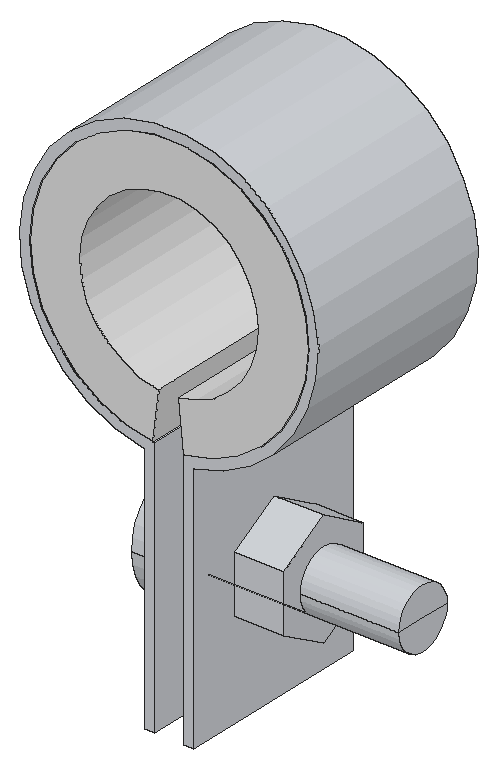
Revit family "Sichtrohrschelle, TPE weiß", category HLS-Bauteile, Revit 2017
Family settings
  Bemaßung runder Anschluss = Durchmesser verwenden
  Teiletyp = Normal
  Arbeitsebenenbasiert = Ja
  Immer vertikal = Nein
  Beim Laden mit Abzugskörper schneiden = Nein
  Gemeinsam genutzt = Ja
  Raumberechnungspunkt = Nein
Parameters (values of type "Sichtrohrschelle, Ø18 mm, TPE weiß")
  vpe = "100 St"
  min. Rohraußendurchmesser = 0 mm
  max. zul. Last vertikal = 0.00 kN
  max. zul. Last horizontal = 0.00 kN
  max. zul. Last = 0.65 kN
  max. Temperaturbeständigkeit = "100 °C"
  max. Rohraußendurchmesser = 0 mm
  max. Höhe = 57 mm
  für Gewinde = ""
  Default Elevation = 1219.2 mm
  Verschluss-Schraube = "M6"
  Verschluss = "Schraubverschluss"
  Stärke Material = 0 mm
  Schalldämmeinlage = "Gummi"
  Rohraußendurchmesser Zoll = "3/8 Zoll"
  Rohraußendurchmesser = 18 mm
  Regelhalter [instance] = ""
  Randabstand Lochung = ""
  RM = D0 / 2 + MD  # 15 mm
  R = D / 2  # 9 mm
  Oberflaeche = "galvanisch verzinkt"
  Nennweite DN Rohr = 0 mm
  Mengeneinheit = "St"
  Materialname = "DC01-A, DD11"
  Materialmaße = "20x1,0 mm"
  Material Schalldämmeinlage = "TPE"
  Material = "Stahl"
  MD = 1 mm  # constant formula
  MB = 20 mm  # constant formula
  Lochdurchmesser = ""
  L = A + R  # 40 mm
  Kurztext2 = "18 mm TPE"
  Kurztext1 = "Sichtrohrschelle Duplo 20x1,0"
  Höhe = "57 mm"
  H = A + D + DS + MD  # 55 mm
  Gewicht pro Bauteil = Gewicht  # 0.037 kg
  Gewicht = 0.037 kg
  Farbe Schalldämmeinlage = "weiß"
  Fabrikat = "MEFA"
  EAN = "4250928407641"
  Dämmstärke = 5 mm
  DVS = 7 mm  # constant formula
  DS = 5 mm  # constant formula
  D0 = D + 2 * DS  # 28 mm
  D = 18 mm
  Breite Material = ""
  Breite = 34 mm
  Brandschutz = ""
  Baustoffklasse = ""
  Bauart = "einteilig"
  B = D + (2 * DS) + (2 * MD)  # 30 mm
  Artikelnummer = "0311180"
  Anschlußhöhe = "31 mm"
  Anschluss = "Lasche für M6"
  Achsabstand = " mm"
  A = 31 mm
Types (3, lengths in mm): name | max. Höhe | Rohraußendurchmesser Zoll | Rohraußendurchmesser | RM | R | L | Kurztext2 | Höhe | H | Gewicht pro Bauteil | Gewicht | EAN | D0 | D | Breite | B | Artikelnummer | Anschlußhöhe | A
  Sichtrohrschelle, Ø15 mm, TPE weiß | 56 | " Zoll" | 15 | 13.5 | 7.5 | 40.5 | "15 mm TPE" | "56 mm" | 54 | 0.035 kg | 0.035 kg | "4250928407634" | 25 | 15 | 31 | 27 | "0311150" | "33 mm" | 33
  Sichtrohrschelle, Ø18 mm, TPE weiß | 57 | "3/8 Zoll" | 18 | 15 | 9 | 40 | "18 mm TPE" | "57 mm" | 55 | 0.037 kg | 0.037 kg | "4250928407641" | 28 | 18 | 34 | 30 | "0311180" | "31 mm" | 31
  Sichtrohrschelle, Ø22 mm, TPE weiß | 61 | "1/2 Zoll" | 22 | 17 | 11 | 42 | "22 mm TPE" | "61 mm" | 59 | 0.0405 kg | 0.0405 kg | "4250928407658" | 32 | 22 | 38 | 34 | "0311220" | "31 mm" | 31
Reference planes
  plane 1 "Mitte (Vorne/hinten)": y = 0
  plane 2: z = 0
  plane 3 "Mitte (Links/rechts)": x = 0
  plane 4: x = 9
  plane 5: x = -9
  plane 6: z = 0
  plane 7: z = 0
  plane 8: x = 14
  plane 9: x = -14
  plane 10: z = -40
  plane 11: z = 9
  plane 12: z = -27.396
  plane 13: y = 3
  plane 14: y = -3
  plane 15: z = 9
Forms (mm)
  Sweep 1, solid, detail levels medium+fine
    path origin (0, 0, 0) x (1, 0, 0) y (0, 0, 1)
      loop
        line (1.495, -40) -> (1.495, -13.92)
        arc (1.495, -13.92) -> (0, 14) -> (-1.495, -13.92) r 14
        line (-1.495, -13.92) -> (-1.495, -40)
    profile origin (0, 0, 14) x (0, 0, -1) y (0, -1, 0)
      loop
        line (0, 0) -> (0, 10) -> (-1, 10) -> (-1, -10) -> (0, -10) -> (0, 0)
  Sweep 2, solid, material "TPE - Weiß", detail levels medium+fine
    path origin (0, 0, 0) x (1, 0, 0) y (0, 0, 1)
      loop
        arc (1.437, -13.926) -> (0.12, 13.999) -> (-1.676, -13.899) r 14
    profile origin (0.12, 0, 13.999) x (-0.008591, 0, -0.999963) y (0, -1, 0)
      loop
        line (0, 0) -> (0, -10) -> (5, -10) -> (5, 10) -> (0, 10) -> (0, 0)
  Extrusion 3, void
    sketch origin (0, 0, 0) x (0, 1, 0) y (0, 0, 1)
      loop
        arc (-2.999, -29.2) -> (-0.022, -30.895) -> (2.976, -29.237) r 3.5
        line (2.976, -29.237) -> (2.976, -25.554)
        arc (2.976, -25.554) -> (-0.022, -23.896) -> (-2.999, -25.591) r 3.5
        line (-2.999, -25.591) -> (-2.999, -29.2)
    from -20 to 20
Cuts and joins
  Extrusion 3 cuts Sweep 1
Lines and regions (mm)
  model lines, not visible
    curve 1: line (0, 0, 7.5) -> (0, 0, -7.5)
    curve 2: line (7.5, 0, 0) -> (-7.5, 0, 0)
    curve 3: line (0, 7.539, 0) -> (0, -7.461, 0)
  model lines, detail levels coarse
    curve 4: circle (0, 0, 0) r 14 normal (0, -1, 0)
    curve 5: line (0, 0, -15.043) -> (0, 0, -40.043)
Dimensions and locks
  equal spacing: plane 5, plane 3 "Mitte (Links/rechts)", plane 4
  "D": plane 5 to plane 4
  equal spacing: plane 7, level, plane 6
  locked: plane 7 to plane 6
  equal spacing: plane 9, plane 3 "Mitte (Links/rechts)", plane 8
  "D0": plane 9 to plane 8
  "L": plane 10 to level
  equal spacing: Sweep 1 sketch curve, plane 3 "Mitte (Links/rechts)", Sweep 1 sketch curve
  equal spacing: Sweep 1 sketch curve, profile plane, Sweep 1 sketch curve
  "MB": Sweep 1 sketch curve to Sweep 1 sketch curve
  "MD": Sweep 1 sketch curve to Sweep 1 sketch curve
  equal spacing: Sweep 1, profile plane, Sweep 1
  Sweep 1 to plane 12 to Sweep 1 = 12.604 mm, 12.604 mm
  "R": plane 15 to level
  "D0": diameter of Sweep 1 sketch curve
  "D0": diameter of Sweep 2 sketch curve
  "D0": diameter of curve 4
  aligned and locked: level to plane 2
  aligned and locked: plane 10 to Sweep 1 sketch curve  (x2)
  aligned and locked: plane 12 to nested 1
  aligned and locked: nested 1 to cut or joined group of Sweep 1, Extrusion 3
  aligned and locked: nested 1 to plane 1 "Mitte (Vorne/hinten)"
  aligned and locked: plane 12 to nested 2
  aligned and locked: nested 2 to cut or joined group of Sweep 1, Extrusion 3
  aligned and locked: plane 1 "Mitte (Vorne/hinten)" to nested 2
  aligned and locked: plane 3 "Mitte (Links/rechts)" to curve 1
  aligned and locked: curve 2 to level
  aligned and locked: curve 3 to level
  aligned and locked: cut or joined group of Sweep 1, Extrusion 3 to Sweep 2 sketch curve
  aligned and locked: Sweep 2 sketch curve to cut or joined group of Sweep 1, Extrusion 3
Automatic sketch dimensions
  Sweep 1 sketch curve to level = 0 mm
  Sweep 1 sketch curve to plane 3 "Mitte (Links/rechts)" = 0 mm
  Sweep 1 sketch curve to plane 3 "Mitte (Links/rechts)" = 1.495 mm
  Sweep 2 sketch curve to level = 0 mm
  Sweep 2 sketch curve to plane 3 "Mitte (Links/rechts)" = 0 mm
  Sweep 2 sketch curve to plane 1 "Mitte (Vorne/hinten)" = 0 mm
  Sweep 2 sketch curve to profile plane = 0 mm
  Sweep 2 sketch curve to profile plane = 5 mm
  Sweep 2 sketch curve to plane 3 "Mitte (Links/rechts)" = 1.676 mm
  plane 3 "Mitte (Links/rechts)" to Sweep 2 sketch curve = 1.437 mm
  Extrusion 3 sketch curve to Extrusion 3 sketch curve = 0 mm  (x2)
  Extrusion 3 sketch curve to plane 1 "Mitte (Vorne/hinten)" = 0 mm
  Extrusion 3 sketch curve to plane 12 = 0 mm
  plane 14 to Extrusion 3 sketch curve = 0.001 mm
  Extrusion 3 sketch curve to plane 12 = 1.804 mm
  plane 12 to Extrusion 3 sketch curve = 1.804 mm
  plane 13 to Extrusion 3 sketch curve = 0.024 mm
  plane 1 "Mitte (Vorne/hinten)" to curve 3 = 7.461 mm
  curve 3 to plane 1 "Mitte (Vorne/hinten)" = 7.539 mm
  curve 5 to plane 3 "Mitte (Links/rechts)" = 0 mm
  curve 4 to level = 0 mm
  curve 4 to plane 3 "Mitte (Links/rechts)" = 0 mm
  curve 2 to plane 5 = 1.5 mm
  plane 4 to curve 2 = 1.5 mm
  curve 1 to level = 7.5 mm
  curve 5 to plane 12 = 12.647 mm
  curve 1 to plane 15 = 1.5 mm
  Sweep 1 sketch curve to plane 1 "Mitte (Vorne/hinten)" = 0 mm
  Sweep 1 sketch curve to profile plane = 0 mm
Nested families
  nested 1: "Verschlussschrauben Rund" at (-2.495, 0, -27.396) x (0, 1, 0) z (0, 0, 1), type "Verschlussschraube M6x20 (3178103)", detail levels fine
  nested 2: "6kt-Mutter M6 seite ansicht" at (4.995, 0, -27.396), type "Mutter M6", detail levels fine
Definition of nested family "Verschlussschrauben Rund"
  Parameters (values of type "Verschlussschraube M6x20 (3178103)")
    Regelhalter [instance] = ""
    Firma = "MEFA Befestigungs- und Montagesysteme GmbH"
    B2 = 3 mm
    H2 = 20 mm
    H1 = 4.5 mm
    B1 = 6 mm
  Reference planes
    plane 1 "Center (Front/Back)": y = 0
    plane 2: z = 0
    plane 3 "Center (Left/Right)": x = 0
  Forms (mm)
    Revolve 1, solid
      sketch origin (0, 0, 0) x (1, 0, 0) y (0, 1, 0)
        loop
          line (0, 0) -> (6, 0) -> (6, 4.5) -> (0, 4.5) -> (0, 0)
        axis (0, 4.5) -> (0, 0)
      angle from 0 to 360
    Revolve 2, solid
      sketch origin (0, 0, 0) x (1, 0, 0) y (0, 1, 0)
        loop
          line (0, 0) -> (0, -20) -> (3, -20) -> (3, 0) -> (0, 0)
        axis (0, 0) -> (0, -20)
      angle from 0 to 360
  Dimensions and locks
    "B1": Revolve 1 sketch curve to Revolve 1 sketch curve
    "H1": plane 1 "Center (Front/Back)" to Revolve 1 sketch curve
    "B2": Revolve 2 sketch curve to Revolve 2 sketch curve
    "H2": Revolve 1 to Revolve 2 sketch curve
    aligned and locked: level to plane 2
    aligned and locked: Revolve 1 sketch curve to plane 3 "Center (Left/Right)"  (x2)
    aligned and locked: plane 3 "Center (Left/Right)" to Revolve 2 sketch curve
    aligned and locked: plane 1 "Center (Front/Back)" to Revolve 2 sketch curve
    aligned and locked: Revolve 2 sketch curve to plane 3 "Center (Left/Right)"
  Automatic sketch dimensions
    plane 1 "Center (Front/Back)" to Revolve 1 sketch curve = 0 mm
    plane 1 "Center (Front/Back)" to Revolve 1 sketch curve = 63.447 mm
    Revolve 1 sketch curve to Revolve 1 sketch curve = 56.553 mm
    Revolve 2 sketch curve to Revolve 2 sketch curve = 30 mm
    Revolve 2 sketch curve to plane 1 "Center (Front/Back)" = 55 mm
Definition of nested family "6kt-Mutter M6 seite ansicht"
  Parameters (values of type "Mutter M6")
    Regelhalter [instance] = ""
    Lochung = 5 mm
    H = 5 mm
    Firma = "MEFA Befestigungs- und Montagesysteme GmbH"
    F2 = 5 mm
  Reference planes
    plane 1 "Center (Front/Back)": y = 0
    plane 2: z = 0
    plane 3 "Center (Left/Right)": x = 0
  Forms (mm)
    Extrusion 1, solid
      sketch origin (0, 0, 0) x (0, 1, 0) y (0, 0, 1)
        loop
          line (-5, -2.887) -> (0, -5.774) -> (5, -2.887) -> (5, 2.887) -> (0, 5.774) -> (-5, 2.887) -> (-5, -2.887)
      from -2.5 to 2.5
    Extrusion 2, void
      sketch origin (0, 0, 0) x (0, 1, 0) y (0, 0, 1)
        loop
          circle (0, 0) r 2.5
      from -10 to 10
  Cuts and joins
    Extrusion 2 cuts Extrusion 1
  Dimensions and locks
    "F2": plane 1 "Center (Front/Back)" to Extrusion 1 sketch curve
    equal spacing: Extrusion 1 sketch curve, plane 1 "Center (Front/Back)", Extrusion 1 sketch curve
    "H": Extrusion 1 to Extrusion 1
    "Lochung": diameter of Extrusion 2 sketch curve
    aligned and locked: level to plane 2
  Automatic sketch dimensions
    Extrusion 1 sketch curve to plane 1 "Center (Front/Back)" = 0 mm  (x2)
    Extrusion 1 sketch curve to level = 5.774 mm
    Extrusion 1 sketch curve to level = 2.887 mm  (x2)
    level to Extrusion 1 sketch curve = 2.887 mm  (x2)
    Extrusion 1 sketch curve to Extrusion 1 sketch curve = 2.887 mm
    Extrusion 2 sketch curve to level = 0 mm
    Extrusion 2 sketch curve to plane 1 "Center (Front/Back)" = 0 mm
